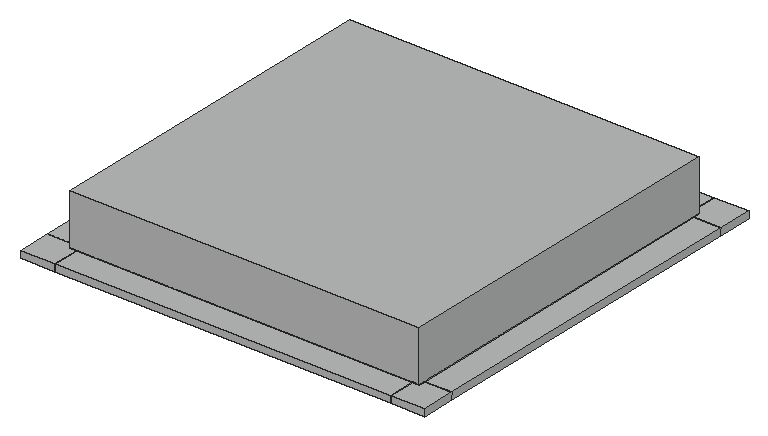
Revit family "ALUMOGIPS", category Осветительные приборы, Revit 2019 (continued)
Types (72, lengths in mm): name | Файл фотометрической сетки | built-in parameter 1150105 | Lumens | built-in parameter 1150106 | built-in parameter 1150142 | Wattage | Emit from Rectangle Width | Emit from Rectangle Length | Длина | Материал светильника | Ширина | ADSK_Ток | ADSK_Полная мощность | ADSK_Обозначение | ADSK_Номинальная мощность | ADSK_Наименование | ADSK_Масса | ADSK_Код изделия
  Alumogips-38/opal-sand 610х610 (IP40, 4000К, белый, грильято) c БАП на 3 часа | "Светильник ALUMOGIPS-38 OPAL-SAND-(610x610).IES" | 302.39 (stored number, unit not read) | 3800 lm | 3.0239 (stored number, unit not read) | "IESNA:LM-63-95\r\n[TEST] Протокол № 50-12 \r\n[DATA] 20.06.2016\r\n[MORE] \r\n[MANUFAC] ЗАО \"Центрстройсвет\"\r\n[LUMCAT]  Светильник ALUMOGIPS-38/OPAL-SAND-(610x610)\r\n[LUMINAIRE]\r\n[LAMPCAT] Светодиоды\r\n[LAMP] Поток источника света (светодиодов) не известен\r\n[MORE] КСС приведена в абсолютных величинах кд\r\n[MORE] Вместо потока лампы, указан поток светильника.\r\nTILT=NONE\r\n1    3750 1.0 37 73 1 2 0.61 0.61 0.04\r\n1.0 1.0 38.7\r\n0.0 5.0 10.0 15.0 20.0 25.0 30.0 35.0 40.0 45.0 50.0 55.0 60.0 65.0 70.0 75.0 80.0 85.0 90.0 95.0 100.0 105.0 110.0 115.0 120.0 125.0 130.0 135.0 140.0 145.0 150.0 155.0 160.0 165.0 170.0 175.0 180.0\r\n0.0 5.0 10.0 15.0 20.0 25.0 30.0 35.0 40.0 45.0 50.0 55.0 60.0 65.0 70.0 75.0 80.0 85.0 90.0 95.0 100.0 105.0 110.0 115.0 120.0 125.0 130.0 135.0 140.0 145.0 150.0 155.0 160.0 165.0 170.0 175.0 180.0 185.0 190.0 195.0 200.0 205.0 210.0 215.0 220.0 225.0 230.0 235.0 240.0 245.0 250.0 255.0 260.0 265.0 270.0 275.0 280.0 285.0 290.0 295.0 300.0 305.0 310.0 315.0 320.0 325.0 330.0 335.0 340.0 345.0 350.0 355.0 360.0\r\n1391.4 1390.6 1365.7 1330.6 1277.5 1214.9 1147.5 1059.6 967.6 873.2 772.4 664.9 556.3 449.1 342.7 240.6 147.1 64.2 4.7 0.0 0.0 0.0 0.0 0.0 0.0 0.0 0.0 0.0 0.0 0.0 0.0 0.0 0.0 0.0 0.0 0.0 0.0\r\n1391.4 1390.5 1367.8 1332.7 1284.3 1221.3 1147.0 1062.1 969.2 872.4 773.2 666.3 557.1 450.1 343.8 241.9 146.9 64.7 5.2 0.0 0.0 0.0 0.0 0.0 0.0 0.0 0.0 0.0 0.0 0.0 0.0 0.0 0.0 0.0 0.0 0.0 0.0\r\n1391.4 1390.2 1372.0 1333.3 1277.3 1216.8 1144.5 1057.4 969.6 875.1 773.8 669.5 560.0 454.6 345.8 242.4 148.5 65.8 5.4 0.0 0.0 0.0 0.0 0.0 0.0 0.0 0.0 0.0 0.0 0.0 0.0 0.0 0.0 0.0 0.0 0.0 0.0\r\n1391.4 1389.8 1371.2 1330.7 1279.5 1220.5 1148.3 1059.9 967.7 873.2 767.5 666.8 561.4 453.0 347.1 243.7 149.9 65.6 5.8 0.0 0.0 0.0 0.0 0.0 0.0 0.0 0.0 0.0 0.0 0.0 0.0 0.0 0.0 0.0 0.0 0.0 0.0\r\n1391.4 1389.8 1368.3 1329.3 1285.0 1214.6 1141.1 1058.7 971.8 871.3 775.2 666.9 559.4 452.6 345.8 242.5 150.0 65.8 6.1 0.0 0.0 0.0 0.0 0.0 0.0 0.0 0.0 0.0 0.0 0.0 0.0 0.0 0.0 0.0 0.0 0.0 0.0\r\n1391.4 1390.5 1367.3 1332.3 1281.7 1219.0 1142.8 1064.6 970.5 874.4 772.1 667.5 560.2 453.0 346.2 241.8 149.4 65.7 5.6 0.0 0.0 0.0 0.0 0.0 0.0 0.0 0.0 0.0 0.0 0.0 0.0 0.0 0.0 0.0 0.0 0.0 0.0\r\n1391.4 1391.4 1368.1 1333.5 1277.3 1215.7 1139.0 1059.6 968.1 872.4 771.6 667.4 558.8 453.3 344.3 243.9 148.4 65.7 5.4 0.0 0.0 0.0 0.0 0.0 0.0 0.0 0.0 0.0 0.0 0.0 0.0 0.0 0.0 0.0 0.0 0.0 0.0\r\n1391.4 1391.7 1368.1 1330.4 1278.2 1213.9 1142.4 1061.6 967.4 875.1 772.0 669.3 561.1 452.5 345.2 242.1 148.3 65.4 5.5 0.0 0.0 0.0 0.0 0.0 0.0 0.0 0.0 0.0 0.0 0.0 0.0 0.0 0.0 0.0 0.0 0.0 0.0\r\n1391.4 1391.5 1371.0 1328.4 1278.5 1216.7 1142.1 1061.2 971.8 874.7 772.1 668.9 560.8 452.9 345.4 243.3 147.7 66.0 5.4 0.0 0.0 0.0 0.0 0.0 0.0 0.0 0.0 0.0 0.0 0.0 0.0 0.0 0.0 0.0 0.0 0.0 0.0\r\n1391.4 1391.5 1373.2 1330.5 1277.3 1215.5 1143.2 1063.6 967.0 872.7 772.2 669.4 558.9 453.2 346.6 241.9 148.1 65.2 5.5 0.0 0.0 0.0 0.0 0.0 0.0 0.0 0.0 0.0 0.0 0.0 0.0 0.0 0.0 0.0 0.0 0.0 0.0\r\n1391.4 1391.4 1369.7 1328.3 1281.3 1216.0 1139.8 1057.9 968.7 875.3 773.9 667.6 561.8 454.0 344.0 243.1 147.2 65.6 5.5 0.0 0.0 0.0 0.0 0.0 0.0 0.0 0.0 0.0 0.0 0.0 0.0 0.0 0.0 0.0 0.0 0.0 0.0\r\n1391.4 1390.5 1367.9 1330.1 1278.1 1218.1 1138.9 1061.0 970.0 871.8 770.4 669.3 560.2 453.4 346.9 242.1 148.3 65.2 5.2 0.0 0.0 0.0 0.0 0.0 0.0 0.0 0.0 0.0 0.0 0.0 0.0 0.0 0.0 0.0 0.0 0.0 0.0\r\n1391.4 1389.3 1368.2 1329.1 1280.8 1214.4 1142.5 1059.2 967.2 874.3 772.4 668.0 563.1 452.3 345.7 242.8 146.8 64.9 5.1 0.0 0.0 0.0 0.0 0.0 0.0 0.0 0.0 0.0 0.0 0.0 0.0 0.0 0.0 0.0 0.0 0.0 0.0\r\n1391.4 1388.6 1367.4 1327.8 1278.0 1215.7 1141.0 1061.0 971.5 877.3 771.2 667.3 561.5 453.0 346.4 242.4 146.3 64.8 5.2 0.0 0.0 0.0 0.0 0.0 0.0 0.0 0.0 0.0 0.0 0.0 0.0 0.0 0.0 0.0 0.0 0.0 0.0\r\n1391.4 1388.0 1367.6 1326.7 1278.3 1218.0 1140.9 1061.5 968.4 873.4 770.1 666.6 562.1 454.6 344.8 241.8 146.4 64.0 5.5 0.0 0.0 0.0 0.0 0.0 0.0 0.0 0.0 0.0 0.0 0.0 0.0 0.0 0.0 0.0 0.0 0.0 0.0\r\n1391.4 1387.2 1366.1 1331.0 1281.4 1216.3 1142.7 1059.1 969.4 871.5 772.2 667.3 560.5 453.0 344.4 242.2 146.4 63.8 5.6 0.0 0.0 0.0 0.0 0.0 0.0 0.0 0.0 0.0 0.0 0.0 0.0 0.0 0.0 0.0 0.0 0.0 0.0\r\n1391.4 1387.1 1366.3 1328.7 1276.9 1214.5 1141.2 1059.3 968.4 874.3 775.5 668.3 562.5 454.9 346.4 241.3 146.2 63.5 5.7 0.0 0.0 0.0 0.0 0.0 0.0 0.0 0.0 0.0 0.0 0.0 0.0 0.0 0.0 0.0 0.0 0.0 0.0\r\n1391.4 1388.4 1366.0 1329.7 1279.2 1217.9 1140.0 1060.5 969.0 873.9 772.0 671.3 560.4 453.2 343.7 241.7 145.8 63.7 5.4 0.0 0.0 0.0 0.0 0.0 0.0 0.0 0.0 0.0 0.0 0.0 0.0 0.0 0.0 0.0 0.0 0.0 0.0\r\n1391.4 1389.6 1367.7 1329.3 1277.2 1211.1 1140.1 1061.0 971.0 871.2 769.2 669.1 561.5 453.1 343.3 241.9 145.8 63.4 5.2 0.0 0.0 0.0 0.0 0.0 0.0 0.0 0.0 0.0 0.0 0.0 0.0 0.0 0.0 0.0 0.0 0.0 0.0\r\n1391.4 1388.8 1366.9 1327.1 1279.4 1214.2 1142.5 1056.4 970.7 870.3 771.0 665.1 560.4 453.3 343.8 241.1 145.7 63.4 5.2 0.0 0.0 0.0 0.0 0.0 0.0 0.0 0.0 0.0 0.0 0.0 0.0 0.0 0.0 0.0 0.0 0.0 0.0\r\n1391.4 1387.2 1365.8 1328.9 1276.6 1210.2 1141.4 1059.3 966.6 871.4 770.5 667.4 559.2 451.4 344.2 241.0 145.6 63.2 5.1 0.0 0.0 0.0 0.0 0.0 0.0 0.0 0.0 0.0 0.0 0.0 0.0 0.0 0.0 0.0 0.0 0.0 0.0\r\n1391.4 1386.8 1364.4 1329.8 1279.4 1213.7 1144.0 1059.0 965.3 873.7 768.8 668.9 559.4 449.5 342.6 241.5 144.6 63.4 5.0 0.0 0.0 0.0 0.0 0.0 0.0 0.0 0.0 0.0 0.0 0.0 0.0 0.0 0.0 0.0 0.0 0.0 0.0\r\n1391.4 1388.1 1365.8 1328.1 1273.8 1213.4 1137.9 1059.2 967.3 869.2 769.3 667.7 558.4 451.4 344.0 240.6 145.7 63.4 4.9 0.0 0.0 0.0 0.0 0.0 0.0 0.0 0.0 0.0 0.0 0.0 0.0 0.0 0.0 0.0 0.0 0.0 0.0\r\n1391.4 1389.2 1364.4 1323.2 1276.3 1213.8 1137.6 1055.3 963.1 871.0 767.7 664.1 559.7 447.1 342.4 240.1 145.2 63.9 5.1 0.0 0.0 0.0 0.0 0.0 0.0 0.0 0.0 0.0 0.0 0.0 0.0 0.0 0.0 0.0 0.0 0.0 0.0\r\n1391.4 1388.4 1362.3 1326.8 1274.4 1212.2 1137.9 1054.7 966.7 867.9 768.7 663.4 557.3 449.2 343.3 240.0 145.7 63.6 5.0 0.0 0.0 0.0 0.0 0.0 0.0 0.0 0.0 0.0 0.0 0.0 0.0 0.0 0.0 0.0 0.0 0.0 0.0\r\n1391.4 1386.2 1361.8 1326.5 1273.3 1211.2 1134.5 1048.6 964.3 866.3 767.8 662.9 556.7 449.5 341.9 239.8 145.7 63.7 5.0 0.0 0.0 0.0 0.0 0.0 0.0 0.0 0.0 0.0 0.0 0.0 0.0 0.0 0.0 0.0 0.0 0.0 0.0\r\n1391.4 1384.4 1363.5 1324.4 1272.0 1209.5 1137.2 1053.0 960.2 867.5 767.9 662.7 556.7 449.2 342.5 239.1 146.2 63.8 4.8 0.0 0.0 0.0 0.0 0.0 0.0 0.0 0.0 0.0 0.0 0.0 0.0 0.0 0.0 0.0 0.0 0.0 0.0\r\n1391.4 1383.7 1362.4 1324.4 1274.0 1209.5 1134.4 1050.1 965.4 864.9 764.6 662.3 556.6 447.9 340.5 240.3 145.5 64.6 4.6 0.0 0.0 0.0 0.0 0.0 0.0 0.0 0.0 0.0 0.0 0.0 0.0 0.0 0.0 0.0 0.0 0.0 0.0\r\n1391.4 1384.4 1361.9 1326.9 1270.2 1207.3 1132.7 1050.1 959.7 867.7 763.1 662.2 555.0 447.3 343.0 238.3 145.8 63.9 4.7 0.0 0.0 0.0 0.0 0.0 0.0 0.0 0.0 0.0 0.0 0.0 0.0 0.0 0.0 0.0 0.0 0.0 0.0\r\n1391.4 1385.1 1363.0 1320.0 1270.4 1207.9 1134.4 1055.0 963.5 867.3 766.7 660.7 555.9 450.1 342.6 240.2 145.9 64.3 4.9 0.0 0.0 0.0 0.0 0.0 0.0 0.0 0.0 0.0 0.0 0.0 0.0 0.0 0.0 0.0 0.0 0.0 0.0\r\n1391.4 1384.9 1362.3 1321.4 1273.1 1208.0 1135.4 1052.3 961.9 865.0 764.0 660.8 553.5 447.6 341.2 240.3 146.1 63.8 4.8 0.0 0.0 0.0 0.0 0.0 0.0 0.0 0.0 0.0 0.0 0.0 0.0 0.0 0.0 0.0 0.0 0.0 0.0\r\n1391.4 1383.8 1361.2 1322.1 1265.1 1211.5 1132.8 1049.3 961.3 863.4 764.0 661.0 550.7 447.9 341.0 240.1 146.2 63.8 4.6 0.0 0.0 0.0 0.0 0.0 0.0 0.0 0.0 0.0 0.0 0.0 0.0 0.0 0.0 0.0 0.0 0.0 0.0\r\n1391.4 1382.8 1359.3 1321.5 1269.3 1206.8 1132.8 1051.1 958.3 863.2 763.1 662.7 553.4 448.0 340.4 240.0 145.8 63.8 4.0 0.0 0.0 0.0 0.0 0.0 0.0 0.0 0.0 0.0 0.0 0.0 0.0 0.0 0.0 0.0 0.0 0.0 0.0\r\n1391.4 1382.6 1359.0 1319.6 1268.1 1204.3 1129.8 1049.0 957.7 861.8 761.7 658.4 554.2 446.1 340.4 239.0 145.6 63.8 3.8 0.0 0.0 0.0 0.0 0.0 0.0 0.0 0.0 0.0 0.0 0.0 0.0 0.0 0.0 0.0 0.0 0.0 0.0\r\n1391.4 1382.8 1358.5 1315.8 1266.5 1202.1 1128.5 1049.2 957.6 860.0 762.1 658.2 549.9 443.8 339.6 238.4 145.7 63.6 3.7 0.0 0.0 0.0 0.0 0.0 0.0 0.0 0.0 0.0 0.0 0.0 0.0 0.0 0.0 0.0 0.0 0.0 0.0\r\n1391.4 1382.2 1360.5 1319.2 1265.9 1204.5 1129.9 1046.9 955.0 862.9 758.9 657.9 552.5 444.9 338.9 238.8 145.3 63.6 3.3 0.0 0.0 0.0 0.0 0.0 0.0 0.0 0.0 0.0 0.0 0.0 0.0 0.0 0.0 0.0 0.0 0.0 0.0\r\n1391.4 1381.1 1361.2 1321.0 1268.1 1203.8 1128.8 1047.4 955.6 863.7 761.1 656.4 551.5 445.2 339.2 238.5 144.7 62.5 3.5 0.0 0.0 0.0 0.0 0.0 0.0 0.0 0.0 0.0 0.0 0.0 0.0 0.0 0.0 0.0 0.0 0.0 0.0\r\n1391.4 1380.6 1359.0 1316.4 1268.5 1204.0 1126.1 1049.5 956.2 859.6 759.7 656.5 549.2 444.3 338.4 236.1 143.8 61.6 3.2 0.0 0.0 0.0 0.0 0.0 0.0 0.0 0.0 0.0 0.0 0.0 0.0 0.0 0.0 0.0 0.0 0.0 0.0\r\n1391.4 1380.7 1356.6 1316.0 1267.0 1205.6 1130.3 1044.8 956.9 856.7 759.3 653.5 548.1 441.9 335.3 235.4 141.4 60.3 2.9 0.0 0.0 0.0 0.0 0.0 0.0 0.0 0.0 0.0 0.0 0.0 0.0 0.0 0.0 0.0 0.0 0.0 0.0\r\n1391.4 1380.4 1354.4 1317.9 1268.8 1199.0 1129.0 1044.0 956.9 860.6 758.3 656.9 549.1 442.0 334.4 236.1 141.7 60.5 2.6 0.0 0.0 0.0 0.0 0.0 0.0 0.0 0.0 0.0 0.0 0.0 0.0 0.0 0.0 0.0 0.0 0.0 0.0\r\n1391.4 1380.1 1356.7 1322.1 1264.6 1201.7 1129.9 1047.4 957.2 859.7 758.2 656.1 549.4 442.8 335.3 235.8 141.3 60.6 2.3 0.0 0.0 0.0 0.0 0.0 0.0 0.0 0.0 0.0 0.0 0.0 0.0 0.0 0.0 0.0 0.0 0.0 0.0\r\n1391.4 1379.9 1357.3 1317.5 1265.9 1207.8 1129.2 1046.5 955.7 860.2 758.6 656.9 550.7 441.9 335.4 233.9 140.6 60.2 2.4 0.0 0.0 0.0 0.0 0.0 0.0 0.0 0.0 0.0 0.0 0.0 0.0 0.0 0.0 0.0 0.0 0.0 0.0\r\n1391.4 1379.2 1355.5 1314.6 1269.3 1203.7 1133.5 1044.8 957.2 857.9 762.0 656.6 548.7 440.4 335.9 234.5 140.4 59.8 2.8 0.0 0.0 0.0 0.0 0.0 0.0 0.0 0.0 0.0 0.0 0.0 0.0 0.0 0.0 0.0 0.0 0.0 0.0\r\n1391.4 1377.9 1357.1 1319.2 1271.9 1204.4 1128.6 1050.2 953.1 856.9 757.6 653.7 548.9 439.9 335.4 232.4 140.5 59.2 3.0 0.0 0.0 0.0 0.0 0.0 0.0 0.0 0.0 0.0 0.0 0.0 0.0 0.0 0.0 0.0 0.0 0.0 0.0\r\n1391.4 1377.2 1356.3 1322.9 1266.0 1204.8 1132.2 1049.0 958.1 859.3 759.0 654.6 547.0 441.6 334.9 232.1 139.3 58.8 2.9 0.0 0.0 0.0 0.0 0.0 0.0 0.0 0.0 0.0 0.0 0.0 0.0 0.0 0.0 0.0 0.0 0.0 0.0\r\n1391.4 1377.8 1353.8 1319.7 1269.6 1207.9 1135.8 1049.5 955.8 858.0 762.4 655.9 548.2 441.6 335.6 231.7 139.4 58.8 2.8 0.0 0.0 0.0 0.0 0.0 0.0 0.0 0.0 0.0 0.0 0.0 0.0 0.0 0.0 0.0 0.0 0.0 0.0\r\n1391.4 1378.5 1355.2 1319.8 1267.3 1206.5 1131.2 1046.1 954.6 861.2 756.6 653.8 548.1 440.3 335.0 232.6 138.6 59.0 2.9 0.0 0.0 0.0 0.0 0.0 0.0 0.0 0.0 0.0 0.0 0.0 0.0 0.0 0.0 0.0 0.0 0.0 0.0\r\n1391.4 1378.6 1355.1 1318.3 1269.7 1200.8 1133.1 1049.0 957.6 862.5 762.4 656.9 549.3 443.5 334.7 231.2 138.8 58.1 3.0 0.0 0.0 0.0 0.0 0.0 0.0 0.0 0.0 0.0 0.0 0.0 0.0 0.0 0.0 0.0 0.0 0.0 0.0\r\n1391.4 1378.8 1355.8 1321.7 1268.8 1210.0 1129.0 1048.5 958.8 862.4 762.2 656.4 549.0 441.1 335.4 231.5 138.5 58.1 3.0 0.0 0.0 0.0 0.0 0.0 0.0 0.0 0.0 0.0 0.0 0.0 0.0 0.0 0.0 0.0 0.0 0.0 0.0\r\n1391.4 1379.6 1357.6 1321.7 1269.0 1207.1 1133.9 1047.0 964.1 863.3 761.9 656.4 551.5 440.7 334.9 232.2 137.6 58.1 2.8 0.0 0.0 0.0 0.0 0.0 0.0 0.0 0.0 0.0 0.0 0.0 0.0 0.0 0.0 0.0 0.0 0.0 0.0\r\n1391.4 1380.6 1357.7 1319.2 1272.0 1207.5 1131.3 1054.6 959.0 863.3 764.8 655.9 549.1 443.0 335.1 231.3 138.0 58.1 2.7 0.0 0.0 0.0 0.0 0.0 0.0 0.0 0.0 0.0 0.0 0.0 0.0 0.0 0.0 0.0 0.0 0.0 0.0\r\n1391.4 1381.5 1358.5 1321.9 1271.0 1204.1 1135.9 1055.8 962.5 865.5 761.1 656.9 550.6 442.0 335.3 231.9 137.4 57.9 2.6 0.0 0.0 0.0 0.0 0.0 0.0 0.0 0.0 0.0 0.0 0.0 0.0 0.0 0.0 0.0 0.0 0.0 0.0\r\n1391.4 1381.3 1358.5 1322.3 1270.8 1207.2 1133.7 1051.9 958.0 867.3 767.5 657.0 552.1 442.3 333.6 231.2 137.9 57.8 2.6 0.0 0.0 0.0 0.0 0.0 0.0 0.0 0.0 0.0 0.0 0.0 0.0 0.0 0.0 0.0 0.0 0.0 0.0\r\n1391.4 1380.6 1359.4 1319.7 1270.6 1209.0 1133.0 1052.1 963.9 867.5 764.1 660.0 554.0 443.3 334.8 231.7 137.6 57.8 2.7 0.0 0.0 0.0 0.0 0.0 0.0 0.0 0.0 0.0 0.0 0.0 0.0 0.0 0.0 0.0 0.0 0.0 0.0\r\n1391.4 1381.3 1359.9 1321.3 1270.6 1204.8 1135.0 1051.3 962.1 865.5 761.7 660.3 553.1 443.5 334.1 231.9 137.9 57.8 2.8 0.0 0.0 0.0 0.0 0.0 0.0 0.0 0.0 0.0 0.0 0.0 0.0 0.0 0.0 0.0 0.0 0.0 0.0\r\n1391.4 1383.1 1362.1 1324.8 1273.8 1208.7 1134.8 1055.9 961.8 866.4 762.3 659.7 552.4 443.7 334.4 232.8 138.0 58.0 2.8 0.0 0.0 0.0 0.0 0.0 0.0 0.0 0.0 0.0 0.0 0.0 0.0 0.0 0.0 0.0 0.0 0.0 0.0\r\n1391.4 1384.6 1360.4 1321.7 1272.0 1210.6 1130.9 1052.5 963.1 866.7 767.4 659.3 553.7 444.6 335.4 233.1 138.3 58.0 2.8 0.0 0.0 0.0 0.0 0.0 0.0 0.0 0.0 0.0 0.0 0.0 0.0 0.0 0.0 0.0 0.0 0.0 0.0\r\n1391.4 1385.6 1357.5 1324.7 1273.9 1211.6 1134.3 1052.7 963.6 865.4 763.1 658.7 552.2 444.9 336.9 232.8 138.8 58.6 2.9 0.0 0.0 0.0 0.0 0.0 0.0 0.0 0.0 0.0 0.0 0.0 0.0 0.0 0.0 0.0 0.0 0.0 0.0\r\n1391.4 1386.4 1357.8 1323.4 1273.2 1212.2 1136.3 1054.7 967.5 867.5 764.0 659.4 553.3 443.7 336.8 233.2 138.9 58.5 3.1 0.0 0.0 0.0 0.0 0.0 0.0 0.0 0.0 0.0 0.0 0.0 0.0 0.0 0.0 0.0 0.0 0.0 0.0\r\n1391.4 1386.6 1362.0 1324.9 1273.2 1211.3 1139.0 1049.9 960.3 866.4 768.0 661.3 552.2 443.4 336.3 233.4 139.8 58.9 3.1 0.0 0.0 0.0 0.0 0.0 0.0 0.0 0.0 0.0 0.0 0.0 0.0 0.0 0.0 0.0 0.0 0.0 0.0\r\n1391.4 1386.0 1360.5 1326.0 1271.8 1212.0 1137.2 1059.3 963.5 867.6 766.9 661.2 552.3 445.8 337.8 233.6 141.0 59.2 3.3 0.0 0.0 0.0 0.0 0.0 0.0 0.0 0.0 0.0 0.0 0.0 0.0 0.0 0.0 0.0 0.0 0.0 0.0\r\n1391.4 1385.0 1362.3 1325.1 1272.0 1207.1 1138.5 1053.6 964.5 865.8 766.5 661.6 554.3 445.9 337.0 234.5 140.4 60.2 3.5 0.0 0.0 0.0 0.0 0.0 0.0 0.0 0.0 0.0 0.0 0.0 0.0 0.0 0.0 0.0 0.0 0.0 0.0\r\n1391.4 1384.4 1361.8 1323.6 1274.0 1214.8 1138.9 1053.9 968.0 867.9 769.0 663.8 555.6 446.7 339.6 235.0 141.3 60.4 3.4 0.0 0.0 0.0 0.0 0.0 0.0 0.0 0.0 0.0 0.0 0.0 0.0 0.0 0.0 0.0 0.0 0.0 0.0\r\n1391.4 1385.0 1360.9 1322.2 1272.4 1209.8 1137.2 1055.7 962.7 869.7 769.6 658.2 556.6 447.4 338.5 236.2 142.5 60.7 3.4 0.0 0.0 0.0 0.0 0.0 0.0 0.0 0.0 0.0 0.0 0.0 0.0 0.0 0.0 0.0 0.0 0.0 0.0\r\n1391.4 1386.6 1363.1 1323.6 1272.5 1211.5 1139.2 1058.4 969.9 868.0 768.8 664.6 556.3 445.8 342.1 236.1 142.3 61.2 3.5 0.0 0.0 0.0 0.0 0.0 0.0 0.0 0.0 0.0 0.0 0.0 0.0 0.0 0.0 0.0 0.0 0.0 0.0\r\n1391.4 1388.6 1360.9 1330.2 1273.7 1213.2 1138.7 1058.3 966.2 867.0 766.8 663.4 553.3 447.1 339.2 238.7 143.0 61.4 3.8 0.0 0.0 0.0 0.0 0.0 0.0 0.0 0.0 0.0 0.0 0.0 0.0 0.0 0.0 0.0 0.0 0.0 0.0\r\n1391.4 1389.8 1360.8 1328.4 1276.8 1216.0 1140.1 1055.8 963.1 870.3 768.4 663.1 554.0 449.1 340.1 237.3 144.8 61.7 3.8 0.0 0.0 0.0 0.0 0.0 0.0 0.0 0.0 0.0 0.0 0.0 0.0 0.0 0.0 0.0 0.0 0.0 0.0\r\n1391.4 1389.3 1362.5 1325.9 1278.0 1210.4 1138.2 1054.7 967.8 872.7 770.2 661.9 556.5 446.9 341.3 237.7 144.4 62.5 3.9 0.0 0.0 0.0 0.0 0.0 0.0 0.0 0.0 0.0 0.0 0.0 0.0 0.0 0.0 0.0 0.0 0.0 0.0\r\n1391.4 1387.8 1365.8 1326.6 1274.3 1213.2 1141.4 1053.1 966.2 871.2 768.4 663.7 555.0 447.1 341.3 238.2 144.3 62.7 4.1 0.0 0.0 0.0 0.0 0.0 0.0 0.0 0.0 0.0 0.0 0.0 0.0 0.0 0.0 0.0 0.0 0.0 0.0\r\n1391.4 1387.2 1364.2 1328.3 1274.8 1209.4 1145.0 1060.0 963.9 867.5 766.5 663.4 556.7 448.2 340.9 240.3 144.7 63.3 4.0 0.0 0.0 0.0 0.0 0.0 0.0 0.0 0.0 0.0 0.0 0.0 0.0 0.0 0.0 0.0 0.0 0.0 0.0\r\n1391.4 1388.4 1364.9 1332.6 1279.0 1215.6 1140.9 1056.3 969.3 867.1 770.0 663.8 559.0 449.0 342.4 240.3 145.7 63.3 4.7 0.0 0.0 0.0 0.0 0.0 0.0 0.0 0.0 0.0 0.0 0.0 0.0 0.0 0.0 0.0 0.0 0.0 0.0\r\n1391.4 1390.0 1364.5 1329.3 1281.4 1217.7 1141.3 1063.3 970.3 871.1 768.8 663.5 555.2 449.3 342.4 239.8 146.6 63.3 4.9 0.0 0.0 0.0 0.0 0.0 0.0 0.0 0.0 0.0 0.0 0.0 0.0 0.0 0.0 0.0 0.0 0.0 0.0\r\n1391.4 1390.6 1365.7 1330.6 1277.5 1214.9 1147.5 1059.6 967.6 873.2 772.4 664.9 556.3 449.1 342.7 240.6 147.1 64.2 4.7 0.0 0.0 0.0 0.0 0.0 0.0 0.0 0.0 0.0 0.0 0.0 0.0 0.0 0.0 0.0 0.0 0.0 0.0\r\n" | 25.582 W | 590 | 590 | 610 | RAL 9001 | 610 | 0.179584 A | 41.3043 VA | "Alumogips-38/opal-sand 610х610 (IP40, 4000К, белый, грильято)" | 38 W | "Встраиваемый светодиодный светильник Alumogips-38/opal-sand 610х610 (IP40, 4000К, белый, грильято) c
     БАП на 3 часа" | 2.4 | "ЦБ000007819"
